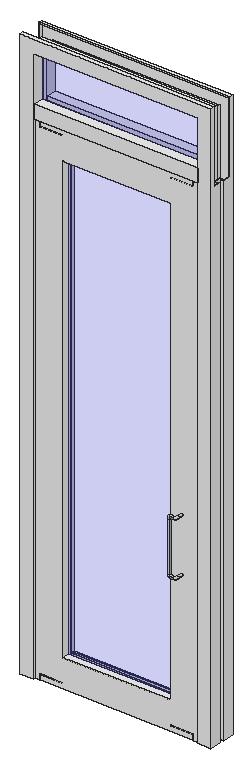
Revit family "kawneer-2000t-sgl_tran-fr_20609", category Doors, host Wall, Revit 2015
Parameters
  Water - Static (ASTM E 331) = "In-swing - 6.24 psf (300 Pa)\r\nOut-swing - 15.0 psf (718 Pa)"
  URL = "http://www.kawneer.com/kawneer/north_america/en/product.asp?prod_id=1822"
  Type of Glazing = "monolithic, insulating"
  Type Comments = "Narrow Stile Terrace Access Door"
  Thermal Transmittance = "<0.57 BTU/hr/ff/F"
  Sub Category3 = ""
  Sub Category2 = ""
  Sub Category1 = ""
  Sightline = 0"
  Short Description = "Narrow Stile Terrace Access Door"
  Product data url = "https://bimobject.com/kawneerna/product/20607"
  Panel Inserts Material = Glass
  Overall U-Factor = "0.5646"
  Model = "2000T Terrace Door"
  Manufacturer Part Number = "2000T Terrace Door"
  Manufacturer = "Kawneer"
  Keywords = "Entrance, Door, Swing Door, French Door, Balcony Door, Thermally Broken Door"
  Hurricane Resistant Tested [instance] = "Small missile\r\nLarge missile"
  Hinging Types = "Butt Hinge"
  Height = Door Panel Height + 12"  # 96"
  Wall Closure = By host
  Width = 32"
  Glazing Thickness = 0"
  Glass U-Factor = "0.48"
  Glass Installtion = "outside"
  Glass Capture = "Captured"
  Function (Interior or Exterior) = "Exterior"
  Function = Interior
  Door Panel Width = Width - (2 1/4" * 2)  # 27 1/2"
  Door Panel Material = Aluminum - ASTM B 221 - 6063-T6 alloy and temper
  Door Panel Height = 84"
  Door Opening = Door Panel Width  # 27 1/2"
  Door Corner Construction = "Mitered, heavy duty internal corner clip"
  Design Pressure = "40 psf (1915 Pa)"
  Design Load = "60 psf (2873 Pa)"
  Description = "The \"2000T Terrace Door\" is a thermally broken high performance French style door for use in condominiums, lofts, hotels and apartments.  It features mitered corner construction with heavy duty corner clips, stainless steel locking hardware and designed to meet the code requirements of windborne debris protection."
  Depth = 0"
  Color = "any"
  Cladding Type = "n/a"
  CSI Masterformat Code = "08 41 13"
  Assembly Code = "B2030110"
  Application = "exterior balconies"
  Air Infiltration (ASTM E 283) = "< 0.30 cfm/ft2  @ 6.24 psf (300 Pa), Single Doors"
  2-Color Option = "yes"
Reference planes
  plane 1 "Centre Wall": y = 0
  plane 2 "Center (Left/Right)": x = 0
  plane 3 "Left": x = -406.4
  plane 4 "Right": x = 406.4
  plane 5: z = 2438.4
  plane 6 "Exterior": y = 75
  plane 7 "Interior": y = -75
  plane 8: z = 2133.6
  plane 9: x = -349.25
  plane 10: x = 349.25
Forms (mm)
  Sweep 1, solid, material "Aluminum - ASTM B 221 - 6063-T6 alloy and temper" <- "Door Panel Material"
    path origin (0, 0, 0) x (1, 0, 0) y (0, 0, 1)
      loop
        line (406.4, 2133.6) -> (406.4, 0)
    profile "2000TFrame : 2000TFrame" origin (406.4, 0, 1066.8) x (1, 0, 0) y (0, -1, 0)
      loop
        line (-57.15, -57.15) -> (0, -57.15) -> (0, -12.125) -> (-17.25, -12.125) -> (-17.25, 12.125) -> (0, 12.125) -> (0, 57.15) -> (-57.15, 57.15) -> (-57.15, 12.125) -> (-39.9, 12.125) -> (-39.9, -12.125) -> (-57.15, -12.125) -> (-57.15, -57.15)
      loop
        line (-5, 17.125) -> (-5, 52.15) -> (-52.15, 52.15) -> (-52.15, 17.125) -> (-34.9, 17.125) -> (-34.9, -17.125) -> (-52.15, -17.125) -> (-52.15, -52.1) -> (-5, -52.1) -> (-5, -17.125) -> (-22.25, -17.125) -> (-22.25, 17.125) -> (-5, 17.125)
  Sweep 2, solid, material "Aluminum - ASTM B 221 - 6063-T6 alloy and temper" <- "Door Panel Material"
    path origin (0, 0, 0) x (1, 0, 0) y (0, 0, 1)
      loop
        line (-406.4, 2133.6) -> (-406.4, 0)
    profile "2000TFrame : 2000TFrame" origin (-406.4, 0, 1066.8) x (1, 0, 0) y (0, -1, 0)
      loop
        line (57.15, -57.15) -> (57.15, -12.125) -> (39.9, -12.125) -> (39.9, 12.125) -> (57.15, 12.125) -> (57.15, 57.15) -> (0, 57.15) -> (0, 12.125) -> (17.25, 12.125) -> (17.25, -12.125) -> (0, -12.125) -> (0, -57.15) -> (57.15, -57.15)
      loop
        line (5, 17.125) -> (22.25, 17.125) -> (22.25, -17.125) -> (5, -17.125) -> (5, -52.1) -> (52.15, -52.1) -> (52.15, -17.125) -> (34.9, -17.125) -> (34.9, 17.125) -> (52.15, 17.125) -> (52.15, 52.15) -> (5, 52.15) -> (5, 17.125)
  Sweep 3, solid, material "Aluminum - ASTM B 221 - 6063-T6 alloy and temper" <- "Door Panel Material"
    path origin (0, 0, 57.15) x (1, 0, 0) y (0, 0, 1)
      loop
        line (349.25, 2133.6) -> (-349.25, 2133.6)
    profile "2000TMidFrame : 2000TMidFrame" origin (0, 0, 2190.75) x (0, 0, -1) y (0, -1, 0)
      loop
        line (57.15, -57.15) -> (57.15, -12.125) -> (39.9, -12.125) -> (39.9, 12.125) -> (57.15, 12.125) -> (57.15, 57.15) -> (0, 57.15) -> (0, 12.125) -> (17.25, 12.125) -> (17.25, -12.125) -> (0, -12.125) -> (0, -57.15) -> (57.15, -57.15)
      loop
        line (5, 17.125) -> (22.25, 17.125) -> (22.25, -17.125) -> (5, -17.125) -> (5, -52.1) -> (52.15, -52.1) -> (52.15, -17.125) -> (34.9, -17.125) -> (34.9, 17.125) -> (52.15, 17.125) -> (52.15, 52.15) -> (5, 52.15) -> (5, 17.125)
  Sweep 4, solid, material "Aluminum - ASTM B 221 - 6063-T6 alloy and temper" <- "Door Panel Material"
    path origin (0, 0, 0) x (1, 0, 0) y (0, 0, 1)
      loop
        line (-406.4, 2133.6) -> (-406.4, 2438.4) -> (406.4, 2438.4) -> (406.4, 2133.6)
    profile "2000TTPFrame : 2000TTPFrame" origin (0, 0, 2438.4) x (0, 0, 1) y (0, -1, 0)
      loop
        line (-5, -42.168) -> (-5, -52.15) -> (-52.15, -52.15) -> (-52.15, -17.125) -> (-34.9, -17.125) -> (-34.9, 17.125) -> (-52.15, 17.125) -> (-52.15, 52.1) -> (-5, 52.1) -> (-5, 42.168) -> (0, 42.168) -> (0, 57.15) -> (-57.15, 57.15) -> (-57.15, 12.125) -> (-39.9, 12.125) -> (-39.9, -12.125) -> (-57.15, -12.125) -> (-57.15, -57.15) -> (0, -57.15) -> (0, -42.168) -> (-5, -42.168)
  Extrusion 5, solid, material "Glass" <- "Panel Inserts Material"
    sketch origin (0, 0, 0) x (1, 0, 0) y (0, 1, 0)
      loop
        line (-366.5, 12.125) -> (-366.5, -12.125) -> (366.5, -12.125) -> (366.5, 12.125) -> (-366.5, 12.125)
    from 2173.5 to 2398.5
Cuts and joins
  joined: Sweep 1, Sweep 2, Sweep 4
Lines and regions (mm)
  Opening 1
    outline origin (-3050, -75, 0) x (1, 0, 0) y (0, 0, 1)
      loop
        line (2643.6, 0) -> (3456.4, 0) -> (3456.4, 2438.4) -> (2643.6, 2438.4) -> (2643.6, 0)
  symbolic lines
    curve 1: line (-349.25, 749.3, 0) -> (-323.85, 749.3, 0)
    curve 2: line (-349.25, 50.8, 0) -> (-349.25, 749.3, 0)
    curve 3: line (-323.85, 50.8, 0) -> (-349.25, 50.8, 0)
    curve 4: line (-323.85, 749.3, 0) -> (-323.85, 50.8, 0)
    curve 5: arc (-323.85, 749.3, 0) -> (153.891, 535.977, 0) -> (349.712, 50.8, 0) r 698.962
Text (mm)
  text "Exterior" at (-2295.016, 1099.543, 0), in view "Ref. Level"
  text "Exterior" at (0, 1615.38, 3698.081), in view "Left"
  text "Exterior" at (0, 1036.032, 3874.932), in view "Right"
Dimensions and locks
  equal spacing: plane 3 "Left", plane 2 "Center (Left/Right)", plane 4 "Right"
  "Width": plane 3 "Left" to plane 4 "Right"
  "Height": plane 5 to host wall
  host wall to plane 5 = 96"
  "Door Panel Height": host wall to plane 8
  locked: plane 6 "Exterior" to host wall at 0
  locked: plane 7 "Interior" to host wall
  locked: plane 3 "Left" to plane 9 at 57.15
  locked: plane 10 to plane 4 "Right" at 57.15
  "Door Panel Width": curve 3 to curve 1
  aligned and locked: plane 3 "Left" to Opening 1 sketch curve
  aligned and locked: plane 5 to Opening 1 sketch curve  (x2)
  aligned and locked: Opening 1 sketch curve to plane 4 "Right"
  aligned and locked: Opening 1 sketch curve to level
  aligned and locked: plane 1 "Centre Wall" to host wall
  aligned and locked: plane 8 to Sweep 1 sketch curve
  aligned and locked: level to Sweep 1 sketch curve
  aligned and locked: plane 8 to Sweep 2 sketch curve
  aligned and locked: level to Sweep 2 sketch curve
  aligned and locked: plane 10 to Sweep 3 sketch curve
  aligned and locked: plane 9 to Sweep 3 sketch curve
  aligned and locked: plane 5 to Sweep 4 sketch curve
  aligned and locked: plane 4 "Right" to Sweep 4 sketch curve
  aligned and locked: plane 3 "Left" to Sweep 4 sketch curve
  aligned and locked: plane 8 to Sweep 4 sketch curve  (x2)
  aligned and locked: nested 1 to plane 2 "Center (Left/Right)"
  aligned and locked: Sweep 3 to plane 8
  aligned and locked: nested 1 to host wall
  aligned and locked: Extrusion 5 sketch curve to cut or joined group of Sweep 1, Sweep 2, Sweep 4  (x4)
  aligned and locked: Extrusion 5 to cut or joined group of Sweep 1, Sweep 2, Sweep 4
  aligned and locked: Extrusion 5 to Sweep 3
  aligned and locked: plane 9 to curve 1
  aligned and locked: nested 1 to curve 4
  aligned and locked: curve 4 to nested 1
  aligned and locked: curve 5 to nested 1
Automatic sketch dimensions
  Sweep 1 sketch curve to plane 4 "Right" = 0"
  Sweep 2 sketch curve to plane 3 "Left" = 0"
  plane 8 to Sweep 3 sketch curve = 2 1/4"
  curve 5 to plane 9 = 0"
Nested families
  nested 1: "Kawneer-2000T-Sgl" at (-310.356, -50, 0) x (-1, 0, 0) z (0, 0, 1), type "Kawneer-2000T-Sgl"
    with Width 27 1/2", Door Handle Width 24 3/8"
Definition of nested family "Kawneer-2000T-Sgl"
  Parameters
    Width = 32"
    Water - static (ASTM E 331) = ""
    Type of Glazing = ""
    Thermal transmittance = ""
    Sub Category3 = ""
    Sub Category2 = ""
    Sub Category1 = ""
    Short Description = ""
    Performance standards = ""
    Panel Inserts Material = none
    Overall U-Factor = ""
    Mfr Part Num = ""
    Manufacturer = "Kawneer"
    Keywords = ""
    Hurricane Resistant Tested = ""
    Hinging Types = ""
    Height = 84"
    Glass capture = ""
    Glass U-Factor = ""
    Glass Installtion = ""
    Function (Interior or Exterior) = ""
    Door Panel Material = none
    Door Hangle Material = none
    Door Hangle Height = 33 25/256"
    Door Handle Width = Width - (1 9/16" * 2)  # 28 7/8"
    Door Corner Construction = ""
    Design load = ""
    Design Pressure = ""
    Depth = 4"
    Color = ""
    Cladding Type = ""
    CSI Mastformat Code = ""
    Assembly Code = "B2030110"
    Application = ""
    Air Infiltration (ASTM E 283) = ""
    2-Color Option = ""
  Reference planes
    plane 1 "Center (Front/Back)": y = -50
    plane 2: z = 0
    plane 3 "Center (Left/Right)": x = -310.356
    plane 4: x = -716.756
    plane 5: x = 96.044
    plane 6: y = 0.8
    plane 7: y = -100.8
    plane 8: z = 2133.6
    plane 9: z = 840.68
    plane 10: x = -691.356
    plane 11: x = 70.644
    plane 12: z = 25.4
    plane 13: z = 2108.2
    plane 14: x = -596.106
    plane 15: x = -24.606
    plane 16: x = -643.731
  Forms (mm)
    Sweep 1, solid, material <- "Door Panel Material"
      path origin (0, -50, 0) x (1, 0, 0) y (0, 0, 1)
        loop
          line (-716.756, 2133.6) -> (-716.756, 0)
      profile "2000TDoorFrameSide : 2000TDoorFrameSide" origin (-716.756, -50, 1066.8) x (1, 0, 0) y (0, -1, 0)
        loop
          line (25.4, 50.8) -> (0, 50.8) -> (0, -50.8) -> (20.439, -50.8) -> (20.4, -45.839) -> (25.4, -45.839) -> (25.4, 6.35) -> (40.382, 6.35) -> (40.382, 11.311) -> (25.4, 11.311) -> (25.4, 50.8)
        loop
          line (5, -45.8) -> (15.439, -45.8) -> (15.439, -40.839) -> (20.439, -40.839) -> (20.4, 45.75) -> (5, 45.75) -> (5, -45.8)
    Sweep 2, solid, material <- "Door Panel Material"
      path origin (0, -50, 0) x (1, 0, 0) y (0, 0, 1)
        loop
          line (96.044, 2133.6) -> (96.044, 0)
      profile "2000TDoorFrameSide : 2000TDoorFrameSide" origin (96.044, -50, 1066.8) x (1, 0, 0) y (0, -1, 0)
        loop
          line (-25.4, 50.8) -> (-25.4, 11.311) -> (-40.382, 11.311) -> (-40.382, 6.35) -> (-25.4, 6.35) -> (-25.4, -45.839) -> (-20.4, -45.839) -> (-20.439, -50.8) -> (0, -50.8) -> (0, 50.8) -> (-25.4, 50.8)
        loop
          line (-5, -45.8) -> (-5, 45.75) -> (-20.4, 45.75) -> (-20.439, -40.839) -> (-15.439, -40.839) -> (-15.439, -45.8) -> (-5, -45.8)
    Sweep 3, solid, material <- "Door Panel Material"
      path origin (0, -50, 0) x (1, 0, 0) y (0, 0, 1)
        loop
          line (-691.356, 2133.6) -> (70.644, 2133.6)
      profile "2000TDoorFrameTop : 2000TDoorFrameTop" origin (-310.356, -50, 2133.6) x (0, 0, 1) y (0, -1, 0)
        loop
          line (-25.4, 50.8) -> (-25.4, 11.311) -> (-40.382, 11.311) -> (-40.382, 6.35) -> (-25.4, 6.35) -> (-25.4, -45.839) -> (-20.4, -45.839) -> (-20.439, -50.8) -> (0, -50.8) -> (0, 50.8) -> (-25.4, 50.8)
        loop
          line (-5, -45.8) -> (-5, 45.75) -> (-20.4, 45.75) -> (-20.439, -40.839) -> (-15.439, -40.839) -> (-15.439, -45.8) -> (-5, -45.8)
    Sweep 4, solid, material <- "Door Panel Material"
      path origin (0, -50, 0) x (1, 0, 0) y (0, 0, 1)
        loop
          line (-691.356, 0) -> (70.644, 0)
      profile "2000TDoorFrameBottom : 2000TDoorFrameBottom" origin (-310.356, -50, 0) x (0, 0, 1) y (0, -1, 0)
        loop
          line (25.4, 50.8) -> (0, 50.8) -> (0, -50.8) -> (20.439, -50.8) -> (20.4, -45.839) -> (25.4, -45.839) -> (25.4, 6.35) -> (40.382, 6.35) -> (40.382, 11.311) -> (25.4, 11.311) -> (25.4, 50.8)
        loop
          line (5, -45.8) -> (15.439, -45.8) -> (15.439, -40.839) -> (20.439, -40.839) -> (20.4, 45.75) -> (5, 45.75) -> (5, -45.8)
    Sweep 5, solid, material <- "Door Panel Material"
      path origin (0, -50, 0) x (1, 0, 0) y (0, 0, 1)
        loop
          line (-691.356, 2108.2) -> (-691.356, 25.4)
      profile "2000TSide : 2000TSide" origin (-691.356, -50, 1066.8) x (1, 0, 0) y (0, -1, 0)
        loop
          line (57.35, 1.35) -> (4.961, 1.35) -> (4.961, -45.839) -> (57.35, -45.839) -> (57.35, 1.35)
        loop
          line (95.25, -50.8) -> (95.25, -22.682) -> (62.35, -22.682) -> (62.35, 1.35) -> (90.289, 1.35) -> (90.289, -3.611) -> (95.25, -3.611) -> (95.25, 6.35) -> (0, 6.35) -> (0, 1.35) -> (0, -45.8) -> (-4.961, -45.8) -> (-4.961, -50.8) -> (95.25, -50.8)
        loop
          line (62.35, -45.8) -> (90.289, -45.8) -> (90.289, -27.643) -> (62.35, -27.643) -> (62.35, -45.8)
    Sweep 6, solid, material <- "Door Panel Material"
      path origin (0, -50, 0) x (1, 0, 0) y (0, 0, 1)
        loop
          line (70.644, 2108.2) -> (70.644, 25.4)
      profile "2000TSide : 2000TSide" origin (70.644, -50, 1066.8) x (1, 0, 0) y (0, -1, 0)
        loop
          line (-57.35, 1.35) -> (-57.35, -45.839) -> (-4.961, -45.839) -> (-4.961, 1.35) -> (-57.35, 1.35)
        loop
          line (-95.25, -50.8) -> (4.961, -50.8) -> (4.961, -45.8) -> (0, -45.8) -> (0, 1.35) -> (0, 6.35) -> (-95.25, 6.35) -> (-95.25, -3.611) -> (-90.289, -3.611) -> (-90.289, 1.35) -> (-62.35, 1.35) -> (-62.35, -22.682) -> (-95.25, -22.682) -> (-95.25, -50.8)
        loop
          line (-62.35, -45.8) -> (-62.35, -27.643) -> (-90.289, -27.643) -> (-90.289, -45.8) -> (-62.35, -45.8)
    Sweep 7, solid, material <- "Door Panel Material"
      path origin (0, -50, 0) x (1, 0, 0) y (0, 0, 1)
        loop
          line (-596.106, 2108.2) -> (-24.606, 2108.2)
      profile "2000TTop : 2000TTop" origin (-310.356, -50, 2108.2) x (0, 0, 1) y (0, -1, 0)
        loop
          line (-57.35, 1.35) -> (-57.35, -45.839) -> (-4.961, -45.839) -> (-4.961, 1.35) -> (-57.35, 1.35)
        loop
          line (-95.25, -50.8) -> (4.961, -50.8) -> (4.961, -45.8) -> (0, -45.8) -> (0, 1.35) -> (0, 6.35) -> (-95.25, 6.35) -> (-95.25, -3.611) -> (-90.289, -3.611) -> (-90.289, 1.35) -> (-62.35, 1.35) -> (-62.35, -22.682) -> (-95.25, -22.682) -> (-95.25, -50.8)
        loop
          line (-62.35, -45.8) -> (-62.35, -27.643) -> (-90.289, -27.643) -> (-90.289, -45.8) -> (-62.35, -45.8)
    Sweep 8, solid, material <- "Door Panel Material"
      path origin (0, -50, 0) x (1, 0, 0) y (0, 0, 1)
        loop
          line (-596.106, 25.4) -> (-24.606, 25.4)
      profile "2000TBottom : 2000TBottom" origin (-310.356, -50, 25.4) x (0, 0, 1) y (0, -1, 0)
        loop
          line (57.35, 1.35) -> (4.961, 1.35) -> (4.961, -45.839) -> (57.35, -45.839) -> (57.35, 1.35)
        loop
          line (95.25, -50.8) -> (95.25, -22.682) -> (62.35, -22.682) -> (62.35, 1.35) -> (90.289, 1.35) -> (90.289, -3.611) -> (95.25, -3.611) -> (95.25, 6.35) -> (0, 6.35) -> (0, 1.35) -> (0, -45.8) -> (-4.961, -45.8) -> (-4.961, -50.8) -> (95.25, -50.8)
        loop
          line (62.35, -45.8) -> (90.289, -45.8) -> (90.289, -27.643) -> (62.35, -27.643) -> (62.35, -45.8)
    Extrusion 9, solid, material <- "Panel Inserts Material"
      sketch origin (0, 0, 0) x (1, 0, 0) y (0, 1, 0)
        loop
          line (-629.006, -27.318) -> (-629.006, -46.389) -> (8.294, -46.389) -> (8.294, -27.318) -> (-629.006, -27.318)
      from 87.75 to 2045.85
  Cuts and joins
    joined: Sweep 1, Sweep 2, Sweep 3, Sweep 4, Sweep 5, Sweep 6, Sweep 7, Sweep 8
  Dimensions and locks
    equal spacing: plane 4, plane 3 "Center (Left/Right)", plane 5
    equal spacing: plane 6, plane 1 "Center (Front/Back)", plane 7
    "Depth": plane 6 to plane 7
    "Width": plane 4 to plane 5
    "Height": plane 8 to level
    "Door Hangle Height": plane 9 to level
    locked: plane 4 to plane 10 at 25.4
    locked: plane 11 to plane 5 at 25.4
    locked: plane 12 to level at 25.4
    locked: plane 8 to plane 13 at 25.4
    locked: plane 4 to plane 14 at 120.65
    locked: plane 15 to plane 5 at 120.65
    locked: plane 4 to plane 16 at 73.025
    aligned and locked: plane 8 to Sweep 1 sketch curve
    aligned and locked: level to Sweep 1 sketch curve
    aligned and locked: plane 8 to Sweep 2 sketch curve
    aligned and locked: level to Sweep 2 sketch curve
    aligned and locked: plane 10 to Sweep 3 sketch curve
    aligned and locked: plane 11 to Sweep 3 sketch curve
    aligned and locked: plane 10 to Sweep 4 sketch curve
    aligned and locked: plane 11 to Sweep 4 sketch curve
    aligned and locked: plane 13 to Sweep 5 sketch curve
    aligned and locked: plane 12 to Sweep 5 sketch curve
    aligned and locked: plane 13 to Sweep 6 sketch curve
    aligned and locked: plane 12 to Sweep 6 sketch curve
    aligned and locked: plane 14 to Sweep 7 sketch curve
    aligned and locked: plane 15 to Sweep 7 sketch curve
    aligned and locked: Extrusion 9 sketch curve to cut or joined group of Sweep 1, Sweep 2, Sweep 3, Sweep 4, Sweep 5, Sweep 6, Sweep 7, Sweep 8  (x3)
    aligned and locked: cut or joined group of Sweep 1, Sweep 2, Sweep 3, Sweep 4, Sweep 5, Sweep 6, Sweep 7, Sweep 8 to Extrusion 9 sketch curve
    aligned and locked: cut or joined group of Sweep 1, Sweep 2, Sweep 3, Sweep 4, Sweep 5, Sweep 6, Sweep 7, Sweep 8 to Extrusion 9
    aligned and locked: Extrusion 9 to cut or joined group of Sweep 1, Sweep 2, Sweep 3, Sweep 4, Sweep 5, Sweep 6, Sweep 7, Sweep 8
    aligned and locked: plane 7 to nested 1
    aligned and locked: nested 2 to plane 6
    aligned and locked: nested 2 to plane 16
    aligned and locked: plane 16 to nested 1
    aligned and locked: plane 9 to nested 1
    aligned and locked: nested 2 to plane 9
  Automatic sketch dimensions
    Sweep 1 sketch curve to plane 4 = 0"
    Sweep 2 sketch curve to plane 5 = 0"
    Sweep 3 sketch curve to plane 8 = 0"
    Sweep 4 sketch curve to level = 0"
    Sweep 5 sketch curve to plane 10 = 0"
    Sweep 6 sketch curve to plane 11 = 0"
    Sweep 7 sketch curve to plane 13 = 0"
    Sweep 8 sketch curve to plane 12 = 0"
    plane 14 to Sweep 8 sketch curve = 0"
    plane 15 to Sweep 8 sketch curve = 0"
  Nested families
    nested 1: "Style CO 9 Pull" at (-681.766, -100.8, 612.08), type "Style CO 9 Pull"
    nested 2: "Style CO 9 Pull" at (-681.766, 0.8, 612.08), type "Style CO 9 Pull"
  Definition of nested family "Style CO 9 Pull"
    Parameters
      Width = 1.1811"
      Height = 9"
      Hangle Material = none
      Depth = 1.1811"
    Reference planes
      plane 1 "Center (Front/Back)": y = 0
      plane 2: z = 0
      plane 3 "Center (Left/Right)": x = 53.034
      plane 4: y = -30
      plane 5: x = 38.034
      plane 6: x = 68.034
      plane 7: x = 46.034
      plane 8 "Top": z = 228.6
      plane 9: x = 60.034
      plane 10: z = 220.6
      plane 11: z = 8
    Forms (mm)
      Sweep 1, solid, material <- "Hangle Material"
        path origin (0, 0, 0) x (1, 0, 0) y (0, 1, 0)
          loop
            line (38.034, 0) -> (38.034, -23)
            arc (38.034, -23) -> (40.085, -27.95) -> (45.034, -30) r 7
            line (45.034, -30) -> (60.034, -30)
        profile origin (38.034, -11.5, 0) x (1, 0, 0) y (0, 0, 1)
          loop
            circle (0, 0) r 5
      Sweep 2, solid, material <- "Hangle Material"
        path origin (0, 0, 228.6) x (-1, 0, 0) y (0, -1, 0)
          loop
            line (-38.034, 0) -> (-38.034, 23)
            arc (-38.034, 23) -> (-40.085, 27.95) -> (-45.034, 30) r 7
            line (-45.034, 30) -> (-60.034, 30)
        profile origin (38.034, -11.5, 228.6) x (1, 0, 0) y (0, 0, 1)
          loop
            circle (0, 0) r 5
      Sweep 3, solid, material <- "Hangle Material"
        path origin (-1540.712, -30, 1200) x (-1, 0, 0) y (0, 0, 1)
          loop
            arc (-1600.747, -1200) -> (-1606.404, -1197.657) -> (-1608.747, -1192) r 8
            line (-1608.747, -1192) -> (-1608.747, -979.4)
            arc (-1608.747, -979.4) -> (-1606.404, -973.743) -> (-1600.747, -971.4) r 8
        profile origin (68.034, -30, 114.3) x (1, 0, 0) y (0, 1, 0)
          loop
            circle (0, 0) r 5
    Cuts and joins
      joined: Sweep 1, Sweep 2, Sweep 3
    Dimensions and locks
      "Depth": plane 4 to plane 1 "Center (Front/Back)"
      equal spacing: plane 5, plane 3 "Center (Left/Right)", plane 6
      locked: plane 5 to plane 7 at 8
      "Width": plane 5 to plane 6
      "Height": plane 8 "Top" to level
      locked: plane 9 to plane 6 at 8
      locked: level to plane 11 at 8
      locked: plane 10 to plane 8 "Top" at 8
      aligned and locked: Sweep 1 sketch curve to plane 5
      aligned and locked: Sweep 1 sketch curve to plane 4
      aligned and locked: plane 1 "Center (Front/Back)" to Sweep 1 sketch curve
      aligned and locked: plane 9 to Sweep 1 sketch curve
      aligned and locked: Sweep 2 sketch curve to plane 5
      aligned and locked: Sweep 2 sketch curve to plane 4
      aligned and locked: plane 1 "Center (Front/Back)" to Sweep 2 sketch curve
      aligned and locked: plane 9 to Sweep 2 sketch curve
      aligned and locked: plane 6 to Sweep 3 sketch curve  (x2)
      aligned and locked: plane 10 to Sweep 3 sketch curve
      aligned and locked: plane 11 to Sweep 3 sketch curve
      aligned and locked: plane 9 to Sweep 3 sketch curve  (x2)
      aligned and locked: plane 8 "Top" to Sweep 3 sketch curve
      aligned and locked: level to Sweep 3 sketch curve
      aligned and locked: plane 4 to Sweep 3 sketch curve
    Automatic sketch dimensions
      Sweep 1 sketch curve to plane 7 = 0.03937"
      Sweep 1 sketch curve to level = 0"
      Sweep 1 sketch curve to profile plane = 0"
      Sweep 2 sketch curve to plane 7 = 0.03937"
      Sweep 2 sketch curve to plane 8 "Top" = 0"
      Sweep 2 sketch curve to profile plane = 0"
      radius of Sweep 1 sketch curve = 0.19685"
      radius of Sweep 2 sketch curve = 0.19685"
      radius of Sweep 3 sketch curve = 0.19685"
